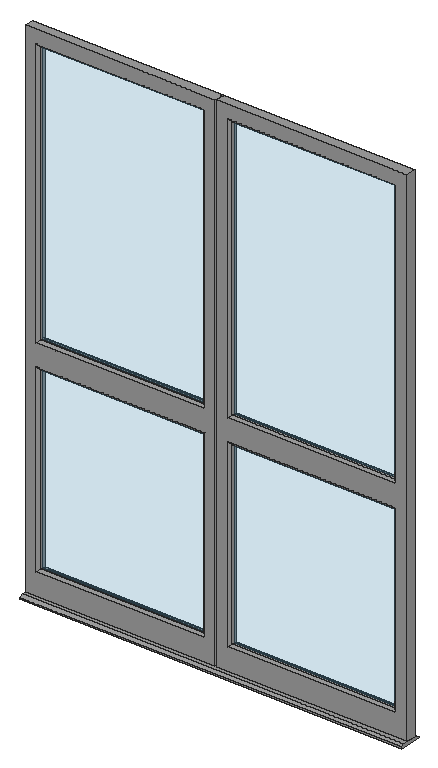
Revit family "NS-212 DOOR-Double-VIP-PD-0.25-SF_v05", category Curtain Panels, Revit 2015
Parameters
  Width [instance] = 6' - 2"
  VIP2 Panic Devices [instance] = not(VIP1 Panic Devices)  # yes
  VIP1 Panic Devices [instance] = no
  URL = "obe.com"
  Rough Width [instance] = 6' - 0"
  Offset [instance] = 0' - 0"
  Model = "NS-212 DOOR"
  Min Panel Width [instance] = if(Rough Width > 5' 11 255/256", Rough Width, 6' 0")  # 6' - 0"
  Manufacturer = "Oldcastle BuildingEnvelope®"
  Keynote = "08 11 00"
  Height [instance] = 8' - 0"
  Pushbar Height [instance] = 3' - 5 1/4"  # constant formula
  Glass Material = Glass
  Frame Material = Aluminum
  Door Panel Height [instance] = Height + 0' 0 3/8"  # 8' - 0 3/8"
  Description = "NS-212 - 1/4\" Door Infill"
  Assembly Code = "B2030"
  Analytic Construction = "<None>"
  6.5 Bottom Rail [instance] = not([4 Bottom Rail])  # no
  4 Bottom Rail [instance] = yes
Reference planes (in)
  plane 1 "Front": y = 0
  plane 2: z = 0
  plane 3 "Center (Left/Right)": x = 0
  plane 4 "Left": x = -37
  plane 5 "Right": x = 37
  plane 6 "Top": z = 96
  plane 7: x = -36
  plane 8: x = 36
Text (in)
  text "Exterior" at (-54.29358, 31.38743, 0), in view "Ref. Level"
  text "Exterior" at (480, 41.53993, 89.60405), in view "Right"
  text "Exterior" at (-240, 57.82419, 105.78864), in view "Left"
Dimensions and locks (in)
  equal spacing: plane 4 "Left", plane 3 "Center (Left/Right)", plane 5 "Right"
  "Width": plane 4 "Left" to plane 5 "Right"
  "Height": plane 6 "Top" to plane 2
  equal spacing: plane 7, plane 3 "Center (Left/Right)", plane 8
  "Min Panel Width": plane 7 to plane 8
  aligned and locked: level to plane 2
  aligned and locked: plane 3 "Center (Left/Right)" to nested 1
  aligned and locked: plane 1 "Front" to nested 1
Nested families (in)
  nested 1: "NS-212 DOOR-Double-VIP-PD-0.25-Panel_v04" at (0, -13, 0), Height <- "Door Panel Height", Width <- "Min Panel Width", Frame Material <- "Frame Material", Glass Material <- "Glass Material", VIP1 Panic Devices <- "VIP1 Panic Devices", 4 Bottom Rail <- "4 Bottom Rail", Offset <- "Offset", type "NS-212 DOOR-Double-VIP-PD-0.25-Panel_v04"
    with Wing Width 3' - 0", built-in parameter 1001301 6' - 0", VIP2 Panic Devices yes, VIP1 Panic Devices no, Pushbar Height 3' - 5 1/4", Offset 0' - 0", built-in parameter 1001300 8' - 0 3/8", Glass at Muntin 0' - 4 9/16", Glass Material Glass, Frame Material Aluminum, Bottom Rail 0' - 4 31/32", 6.5 Bottom Rail no, 4 Bottom Rail yes
Definition of nested family "NS-212 DOOR-Double-VIP-PD-0.25-Panel_v04"
  Parameters (values of type "NS-212 DOOR-Double-VIP-PD-0.25-Panel_v04")
    Wing Width [instance] = Width / 2  # 3' - 0"
    Width [instance] = 6' - 0"
    VIP2 Panic Devices [instance] = not(VIP1 Panic Devices)  # yes
    VIP1 Panic Devices [instance] = no
    Offset [instance] = 0' - 1"
    Height [instance] = 8' - 0"
    Glass at Muntin [instance] = if(VIP1 Panic Devices, 0' 8 9/16", 0' 4 9/16")  # 0' - 4 9/16"
    Pushbar Height [instance] = 3' - 5 1/4"  # constant formula
    Glass Material [instance] = none
    Frame Material [instance] = none
    Bottom Rail [instance] = if([4 Bottom Rail], 0' 4 31/32", 0' 7 15/32")  # 0' - 7 15/32"
    Analytic Construction = "<None>"
    6.5 Bottom Rail [instance] = not([4 Bottom Rail])  # yes
    4 Bottom Rail [instance] = no
  Reference planes (in)
    plane 1 "00": y = 11
    plane 2: z = 0
    plane 3 "Center (Left/Right)": x = 0
    plane 4: z = 96
    plane 5: x = 36
    plane 6: x = -36
    plane 7 "Center (Front/Back)": y = 13
    plane 8 "Exterior": y = 11.125
    plane 9: z = 48
    plane 10: z = 80.96875
    plane 11: z = 92.96875
    plane 12: z = 92.96875
    plane 13: z = 43.53125
    plane 14: z = 38.96875
    plane 15: z = 7.46875
    plane 16 "Offset": y = 12
    plane 17: z = 41.25
  Forms (in)
    Sweep 1, solid, material <- "Frame Material"
      path origin (0, 11, 0) x (1, 0, 0) y (0, 0, 1)
        loop
          line (-35.79321, 96) -> (-0.22004, 96)
      profile origin (-18.00662, 11, 96) x (0, 0, 1) y (0, -1, 0)
        loop
          line (-0.375, -0.875) -> (-0.375, 0.875) -> (-2.74593, 0.875) -> (-3.25, 0.45204) -> (-3.25, 0.125) -> (-3.03125, 0.125) -> (-3.03125, -0.125) -> (-3.25, -0.125) -> (-3.25, -0.45204) -> (-2.74593, -0.875) -> (-0.375, -0.875)
    Sweep 2, solid, material <- "Frame Material"
      path origin (0, 11, 0) x (1, 0, 0) y (0, 0, 1)
        loop
          line (-0.22004, 0) -> (-35.79321, 0)
      profile origin (-18.00662, 11, 0) x (0, 0, -1) y (0, -1, 0)
        loop
          line (-7.18343, -0.875) -> (-0.6875, -0.875) -> (-0.6875, 0.875) -> (-7.18343, 0.875) -> (-7.6875, 0.45204) -> (-7.6875, 0.125) -> (-7.46875, 0.125) -> (-7.46875, -0.125) -> (-7.6875, -0.125) -> (-7.6875, -0.45204) -> (-7.18343, -0.875)
    Sweep 3, solid, material <- "Frame Material"
      path origin (0, 11, 0) x (1, 0, 0) y (0, 0, 1)
        loop
          line (36, 95.625) -> (36, 0.6875)
      profile origin (36, 11, 48.15625) x (0, -1, 0) y (1, 0, 0)
        loop
          line (-0.875, -0.08821) -> (-0.875, -2.20914) -> (-0.45204, -2.71321) -> (-0.125, -2.71321) -> (-0.125, -2.49446) -> (0.125, -2.49446) -> (0.125, -2.71321) -> (0.45204, -2.71321) -> (0.875, -2.20914) -> (0.875, -0.19721) -> (-0.875, -0.08821)
    Sweep 4, solid, material <- "Frame Material"
      path origin (0, 11, 0) x (1, 0, 0) y (0, 0, 1)
        loop
          line (-36, 95.625) -> (-36, 0.6875)
      profile origin (-36, 11, 48.15625) x (0, -1, 0) y (1, 0, 0)
        loop
          line (0.87496, 0.20679) -> (0.87496, 2.21872) -> (0.452, 2.72279) -> (0.12496, 2.72279) -> (0.12496, 2.50404) -> (-0.12504, 2.50404) -> (-0.12504, 2.72279) -> (-0.45208, 2.72279) -> (-0.87504, 2.21872) -> (-0.87504, 0.09779) -> (0.87496, 0.20679)
    Sweep 5, solid, material <- "Frame Material"
      path origin (0, 11, 0) x (1, 0, 0) y (0, 0, 1)
        loop
          line (-0.22004, 48) -> (-35.79321, 48)
      profile origin (-18.00662, 11, 48) x (0, 0, -1) y (0, -1, 0)
        loop
          line (4.25, 0.45204) -> (4.25, 0.125) -> (4.46875, 0.125) -> (4.46875, -0.125) -> (4.25, -0.125) -> (4.25, -0.45204) -> (4.75407, -0.875) -> (8.74593, -0.875) -> (9.25, -0.45204) -> (9.25, -0.125) -> (9.03125, -0.125) -> (9.03125, 0.125) -> (9.25, 0.125) -> (9.25, 0.45204) -> (8.74593, 0.875) -> (4.75407, 0.875) -> (4.25, 0.45204)
    Sweep 6, solid, material <- "Frame Material"
      path origin (0, 11, 0) x (1, 0, 0) y (0, 0, 1)
        loop
          line (0, 95.625) -> (0, 0.6875)
      profile origin (0, 11, 48.15625) x (0, -1, 0) y (1, 0, 0)
        loop
          line (-0.875, -0.22004) -> (-0.875, -2.18343) -> (-0.45204, -2.6875) -> (-0.125, -2.6875) -> (-0.125, -2.46875) -> (0.125, -2.46875) -> (0.125, -2.6875) -> (0.45204, -2.6875) -> (0.875, -2.18343) -> (0.875, -0.22004)
          arc (0.875, -0.22004) -> (0, -0.0625) -> (-0.875, -0.22004) r 2.50872
        loop
          arc (-0.875, 0.22004) -> (0, 0.0625) -> (0.875, 0.22004) r 2.50872
          line (0.875, 0.22004) -> (0.875, 2.18343) -> (0.45204, 2.6875) -> (0.125, 2.6875) -> (0.125, 2.46875) -> (-0.125, 2.46875) -> (-0.125, 2.6875) -> (-0.45204, 2.6875) -> (-0.875, 2.18343) -> (-0.875, 0.22004)
    Sweep 7, solid, material <- "Frame Material"
      path origin (0, 11, 0) x (1, 0, 0) y (0, 0, 1)
        loop
          line (0.22004, 96) -> (35.80279, 96)
      profile origin (18.01141, 11, 96) x (0, 0, 1) y (0, -1, 0)
        loop
          line (-0.375, -0.875) -> (-0.375, 0.875) -> (-2.74593, 0.875) -> (-3.25, 0.45204) -> (-3.25, 0.125) -> (-3.03125, 0.125) -> (-3.03125, -0.125) -> (-3.25, -0.125) -> (-3.25, -0.45204) -> (-2.74593, -0.875) -> (-0.375, -0.875)
    Sweep 8, solid, material <- "Frame Material"
      path origin (0, 5, 0) x (1, 0, 0) y (0, 0, 1)
        loop
          line (35.80279, 48) -> (0.22004, 48)
      profile origin (18.01141, 5, 48) x (0, 0, -1) y (0, -1, 0)
        loop
          line (4.25, -5.54796) -> (4.25, -5.875) -> (4.46875, -5.875) -> (4.46875, -6.125) -> (4.25, -6.125) -> (4.25, -6.45204) -> (4.75407, -6.875) -> (8.74593, -6.875) -> (9.25, -6.45204) -> (9.25, -6.125) -> (9.03125, -6.125) -> (9.03125, -5.875) -> (9.25, -5.875) -> (9.25, -5.54796) -> (8.74593, -5.125) -> (4.75407, -5.125) -> (4.25, -5.54796)
    Sweep 9, solid, material <- "Frame Material"
      path origin (0, 11, 0) x (1, 0, 0) y (0, 0, 1)
        loop
          line (35.80279, 0) -> (0.22004, 0)
      profile origin (18.01141, 11, 0) x (0, 0, -1) y (0, -1, 0)
        loop
          line (-7.18343, -0.875) -> (-0.6875, -0.875) -> (-0.6875, 0.875) -> (-7.18343, 0.875) -> (-7.6875, 0.45204) -> (-7.6875, 0.125) -> (-7.46875, 0.125) -> (-7.46875, -0.125) -> (-7.6875, -0.125) -> (-7.6875, -0.45204) -> (-7.18343, -0.875)
    Extrusion 10, solid, material <- "Glass Material"
      sketch origin (0, 0, 0) x (1, 0, 0) y (0, 1, 0)
        loop
          line (-33.49596, 11.125) -> (-33.49596, 10.875) -> (-2.46875, 10.875) -> (-2.46875, 11.125) -> (-33.49596, 11.125)
      from 7.46875 to 38.96875
    Extrusion 11, solid, material <- "Glass Material"
      sketch origin (0, 0, 0) x (1, 0, 0) y (0, 1, 0)
        loop
          line (2.46875, 11.125) -> (2.46875, 10.875) -> (33.50554, 10.875) -> (33.50554, 11.125) -> (2.46875, 11.125)
      from 7.46875 to 38.96875
    Extrusion 12, solid, material <- "Glass Material"
      sketch origin (0, 0, 0) x (1, 0, 0) y (0, 1, 0)
        loop
          line (-2.46875, 11.125) -> (-33.49596, 11.125) -> (-33.49596, 10.875) -> (-2.46875, 10.875) -> (-2.46875, 11.125)
      from 43.53125 to 92.96875
    Extrusion 13, solid, material <- "Glass Material"
      sketch origin (0, 0, 0) x (1, 0, 0) y (0, 1, 0)
        loop
          line (33.50554, 11.125) -> (2.46875, 11.125) -> (2.46875, 10.875) -> (33.50554, 10.875) -> (33.50554, 11.125)
      from 43.53125 to 92.96875
    Sweep 14, solid, material <- "Frame Material"
      path origin (0, 12, 0) x (1, 0, 0) y (0, 0, 1)
        loop
          line (-35.79321, 0) -> (35.80279, 0)
      profile origin (0.00479, 12, 0) x (0, 0, 1) y (0, -1, 0)
        loop
          line (0.5, 2.468) -> (0.19364, 3.125) -> (0, 3.125) -> (0, -0.875) -> (0.19364, -0.875) -> (0.5, -0.218) -> (0.5, 2.468)
  Cuts and joins
    joined: Sweep 1, Sweep 2, Sweep 3, Sweep 4, Sweep 5, Sweep 6, Sweep 7, Sweep 8, Sweep 9
  Lines and regions (in)
    model lines
      curve 1: line (2.46875, 11.125, 92.96875) -> (33.28679, 11.125, 48)
      curve 2: line (33.28679, 11.125, 48) -> (2.6875, 11.125, 7.6875)
      curve 3: line (-2.46875, 11.125, 92.96875) -> (-33.2772, 11.125, 48)
      curve 4: line (-33.2772, 11.125, 48) -> (-2.6875, 11.125, 7.6875)
  Dimensions and locks (in)
    "Height": plane 4 to level
    "Width": plane 6 to plane 5
    "Offset": plane 16 "Offset" to plane 7 "Center (Front/Back)"
    plane 1 "00" to plane 8 "Exterior" to plane 16 "Offset" = 0' - 0 1/8" locked, 0' - 0 7/8" locked
    equal spacing: level, plane 9, plane 4
    locked: plane 3 "Center (Left/Right)" to Sweep 2 sketch curve at 0.22004
    locked: Sweep 3 sketch curve to plane 4 at 0.375
    locked: Sweep 4 sketch curve to plane 4 at 0.375
    locked: plane 3 "Center (Left/Right)" to Sweep 1 sketch curve at 0.22004
    "Bottom Rail": Sweep 2 sketch curve to level
    Sweep 2 sketch curve to Sweep 2 sketch curve to Sweep 2 sketch curve to Sweep 2 sketch curve to Sweep 2 sketch curve = 0' - 0" locked, 0' - 0 7/32" locked, 0' - 0.28532" locked, 0' - 0" locked
    locked: plane 3 "Center (Left/Right)" to Sweep 5 sketch curve at 0.22004
    locked: Sweep 7 sketch curve to plane 3 "Center (Left/Right)" at 0.22004
    locked: Sweep 8 sketch curve to plane 3 "Center (Left/Right)" at 0.22004
    locked: Sweep 9 sketch curve to plane 3 "Center (Left/Right)" at 0.22004
    locked: plane 11 to plane 4 at 3.03125
    "Bottom Rail": level to Extrusion 10
    "Glass at Muntin": cut or joined group of Sweep 1, Sweep 2, Sweep 3, Sweep 4, Sweep 5, Sweep 6, Sweep 7, Sweep 8, Sweep 9 to Extrusion 10
    Extrusion 11 sketch curve to plane 1 "00" to Extrusion 11 sketch curve = 0' - 0 1/8" locked, 0' - 0 1/8" locked
    locked: plane 3 "Center (Left/Right)" to Extrusion 11 sketch curve at 2.46875
    Extrusion 10 sketch curve to plane 1 "00" to Extrusion 10 sketch curve = 0' - 0 1/8" locked, 0' - 0 1/8" locked
    Extrusion 12 sketch curve to plane 1 "00" to Extrusion 12 sketch curve = 0' - 0 1/8" locked, 0' - 0 1/8" locked
    locked: plane 4 to Extrusion 12 at 3.03125
    Extrusion 13 sketch curve to plane 1 "00" to Extrusion 13 sketch curve = 0' - 0 1/8" locked, 0' - 0 1/8" locked
    locked: plane 3 "Center (Left/Right)" to Extrusion 13 sketch curve at 2.46875
    Extrusion 10 sketch curve to plane 3 "Center (Left/Right)" = 0' - 2 15/32"
    locked: Extrusion 12 sketch curve to plane 3 "Center (Left/Right)" at 2.46875
    locked: Sweep 1 sketch curve to plane 6 at 0.20679
    locked: plane 5 to Sweep 7 sketch curve at 0.19721
    locked: plane 4 to Sweep 6 sketch curve at 0.375
    locked: plane 5 to Sweep 8 sketch curve at 0.19721
    locked: Sweep 5 sketch curve to plane 6 at 0.20679
    locked: Sweep 2 sketch curve to plane 6 at 0.20679
    locked: plane 5 to Sweep 9 sketch curve at 0.19721
    locked: Sweep 7 sketch curve to plane 12 at 0.28532  (x2)
    locked: plane 12 to Sweep 7 sketch curve at 0.21875  (x2)
    locked: plane 13 to Sweep 8 sketch curve at 0.28532  (x2)
    locked: Sweep 8 sketch curve to plane 13 at 0.21875  (x2)
    locked: Sweep 8 sketch curve to plane 14 at 0.28532  (x2)
    locked: plane 14 to Sweep 8 sketch curve at 0.21875  (x2)
    locked: plane 15 to Sweep 9 sketch curve at 0.28532  (x2)
    locked: Sweep 9 sketch curve to plane 15 at 0.21875  (x2)
    "Glass at Muntin": plane 13 to plane 14
    "Bottom Rail": plane 15 to plane 2
    locked: plane 4 to plane 12 at 3.03125
    equal spacing: plane 6, plane 3 "Center (Left/Right)", plane 5
    equal spacing: plane 13, plane 17, plane 14
    "Pushbar Height": plane 17 to plane 2
    Sweep 5 sketch curve to plane 13 to Sweep 5 sketch curve = 0' - 0 7/32" locked, 0' - 0.28532" locked
    Sweep 5 sketch curve to plane 14 to Sweep 5 sketch curve = 0' - 0.28532" locked, 0' - 0 7/32" locked
    locked: plane 5 to Sweep 14 sketch curve at 0.19721
    locked: Sweep 14 sketch curve to plane 6 at 0.20679
    locked: Sweep 4 sketch curve to plane 2 at 0.6875
    locked: Sweep 6 sketch curve to plane 2 at 0.6875
    locked: Sweep 3 sketch curve to plane 2 at 0.6875
    aligned and locked: plane 2 to level
    aligned and locked: Sweep 1 sketch curve to plane 4
    aligned and locked: Sweep 2 sketch curve to level
    aligned and locked: plane 5 to Sweep 3 sketch curve
    aligned and locked: plane 6 to Sweep 4 sketch curve
    aligned and locked: Sweep 5 sketch curve to plane 9
    aligned and locked: plane 3 "Center (Left/Right)" to Sweep 6 sketch curve
    aligned and locked: plane 9 to curve 3
    aligned and locked: plane 9 to curve 1
    aligned and locked: Sweep 9 sketch curve to level
    aligned and locked: Sweep 8 sketch curve to plane 9
    aligned and locked: plane 4 to Sweep 7 sketch curve
    aligned and locked: Extrusion 12 to cut or joined group of Sweep 1, Sweep 2, Sweep 3, Sweep 4, Sweep 5, Sweep 6, Sweep 7, Sweep 8, Sweep 9
    aligned and locked: Extrusion 13 to cut or joined group of Sweep 1, Sweep 2, Sweep 3, Sweep 4, Sweep 5, Sweep 6, Sweep 7, Sweep 8, Sweep 9
    aligned and locked: plane 12 to Extrusion 13
    aligned and locked: plane 14 to Extrusion 11
    aligned and locked: Extrusion 13 to plane 13
    aligned and locked: Extrusion 11 to plane 15
    aligned and locked: plane 13 to Sweep 5 sketch curve
    aligned and locked: plane 14 to Sweep 5 sketch curve
    aligned and locked: Sweep 14 sketch curve to plane 2
  Automatic sketch dimensions
    plane 1 "00" to Sweep 1 sketch curve = 0' - 0 1/8"
    profile plane to Sweep 1 sketch curve = 0' - 3 1/4"
    Sweep 1 sketch curve to plane 1 "00" = 0' - 0.45204"
    Sweep 1 sketch curve to Sweep 1 sketch curve = 0' - 0"
    Sweep 1 sketch curve to Sweep 1 sketch curve = 0' - 0 7/32"
    plane 1 "00" to Sweep 1 sketch curve = 0' - 0 7/8"
    Sweep 1 sketch curve to Sweep 1 sketch curve = 0' - 0.50407"  (x2)
    profile plane to Sweep 1 sketch curve = 0' - 0 3/8"
    Sweep 1 sketch curve to plane 1 "00" = 0' - 0 7/8"
    Sweep 1 sketch curve to plane 1 "00" = 0' - 0 1/8"
    Sweep 1 sketch curve to Sweep 1 sketch curve = 0' - 0.32704"
    plane 1 "00" to Sweep 6 sketch curve = 0' - 0"  (x2)
    Sweep 6 sketch curve to plane 1 "00" = 0' - 0 1/8"  (x2)
    Sweep 6 sketch curve to Sweep 6 sketch curve = 0' - 0.32704"  (x4)
    Sweep 6 sketch curve to profile plane = 0' - 0.22004"
    Sweep 6 sketch curve to plane 1 "00" = 0' - 0 7/8"
    Sweep 6 sketch curve to Sweep 6 sketch curve = 0' - 0.42296"  (x3)
    plane 1 "00" to Sweep 6 sketch curve = 0' - 0 1/8"  (x2)
    profile plane to Sweep 6 sketch curve = 0' - 0.22004"
    Sweep 6 sketch curve to Sweep 6 sketch curve = 0' - 1.96339"  (x2)
    Sweep 6 sketch curve to Sweep 6 sketch curve = 0' - 0"  (x2)
    Sweep 6 sketch curve to Sweep 6 sketch curve = 0' - 0.28532"  (x2)
    Sweep 6 sketch curve to Sweep 6 sketch curve = 0' - 0.10247"  (x2)
    Sweep 6 sketch curve to Sweep 6 sketch curve = 0' - 0.11628"  (x4)
    plane 1 "00" to Sweep 7 sketch curve = 0' - 0 1/8"
    Sweep 7 sketch curve to plane 1 "00" = 0' - 0.45204"
    Sweep 7 sketch curve to Sweep 7 sketch curve = 0' - 0 7/32"
    plane 1 "00" to Sweep 7 sketch curve = 0' - 0 7/8"
    profile plane to Sweep 7 sketch curve = 0' - 0 3/8"
    Sweep 7 sketch curve to plane 1 "00" = 0' - 0 7/8"
    Sweep 7 sketch curve to plane 1 "00" = 0' - 0 1/8"
    Sweep 7 sketch curve to Sweep 7 sketch curve = 0' - 0.32704"
    Sweep 4 sketch curve to plane 1 "00" = 0' - 0.87504"
    Sweep 4 sketch curve to plane 1 "00" = 0' - 0.45208"
    Sweep 4 sketch curve to plane 1 "00" = 0' - 0.12504"
    plane 1 "00" to Sweep 4 sketch curve = 0' - 0.12496"
    Sweep 4 sketch curve to Sweep 4 sketch curve = 0' - 0.32704"
    Sweep 4 sketch curve to Sweep 4 sketch curve = 0' - 0.42296"
    Sweep 4 sketch curve to profile plane = 0' - 0.09779"
    Sweep 4 sketch curve to profile plane = 0' - 0.20679"
    Sweep 4 sketch curve to Sweep 4 sketch curve = 0' - 2.12093"
    Sweep 4 sketch curve to Sweep 4 sketch curve = 0' - 0"
    Sweep 4 sketch curve to Sweep 4 sketch curve = 0' - 0.28532"
    Sweep 4 sketch curve to Sweep 4 sketch curve = 0' - 0 7/32"  (x2)
    Sweep 3 sketch curve to plane 1 "00" = 0' - 0 7/8"
    Sweep 3 sketch curve to plane 1 "00" = 0' - 0.45204"
    Sweep 3 sketch curve to plane 1 "00" = 0' - 0 1/8"
    plane 1 "00" to Sweep 3 sketch curve = 0' - 0 1/8"
    Sweep 3 sketch curve to Sweep 3 sketch curve = 0' - 0.32704"
    plane 1 "00" to Sweep 3 sketch curve = 0' - 0 7/8"
    profile plane to Sweep 3 sketch curve = 0' - 2.71321"
    Sweep 3 sketch curve to Sweep 3 sketch curve = 0' - 0"
    Sweep 3 sketch curve to Sweep 3 sketch curve = 0' - 0 7/32"
    Sweep 3 sketch curve to Sweep 3 sketch curve = 0' - 0.50407"  (x2)
    profile plane to Sweep 3 sketch curve = 0' - 0.19721"
    profile plane to Sweep 3 sketch curve = 0' - 0.08821"
    Sweep 8 sketch curve to Sweep 8 sketch curve = 0' - 0 7/32"  (x2)
    Sweep 8 sketch curve to plane 1 "00" = 0' - 0 7/8"
    Sweep 8 sketch curve to plane 1 "00" = 0' - 0.45204"  (x2)
    Sweep 8 sketch curve to plane 1 "00" = 0' - 0 1/8"  (x2)
    plane 1 "00" to Sweep 8 sketch curve = 0' - 0 1/8"  (x2)
    Sweep 8 sketch curve to Sweep 8 sketch curve = 0' - 0.32704"  (x2)
    Sweep 8 sketch curve to Sweep 8 sketch curve = 0' - 0.42296"
    profile plane to Sweep 9 sketch curve = 0' - 0 11/16"
    Sweep 9 sketch curve to plane 1 "00" = 0' - 0.45204"
    Sweep 9 sketch curve to plane 1 "00" = 0' - 0 1/8"
    plane 1 "00" to Sweep 9 sketch curve = 0' - 0 1/8"
    Sweep 9 sketch curve to Sweep 9 sketch curve = 0' - 0.32704"
    Sweep 9 sketch curve to Sweep 9 sketch curve = 0' - 0.42296"
    Sweep 9 sketch curve to Sweep 9 sketch curve = 0' - 0 7/32"
    plane 6 to Extrusion 10 sketch curve = 0' - 2.50404"
    plane 6 to Extrusion 12 sketch curve = 0' - 2.50404"
    Extrusion 11 sketch curve to plane 5 = 0' - 2.49446"
    Extrusion 13 sketch curve to plane 5 = 0' - 2.49446"
    Sweep 5 sketch curve to Sweep 5 sketch curve = 0' - 0 7/32"  (x2)
    Sweep 5 sketch curve to plane 1 "00" = 0' - 0 7/8"
    Sweep 5 sketch curve to plane 1 "00" = 0' - 0.45204"  (x2)
    Sweep 5 sketch curve to plane 1 "00" = 0' - 0 1/8"  (x2)
    plane 1 "00" to Sweep 5 sketch curve = 0' - 0 1/8"  (x2)
    Sweep 5 sketch curve to Sweep 5 sketch curve = 0' - 0.32704"  (x2)
    Sweep 5 sketch curve to Sweep 5 sketch curve = 0' - 0.42296"
    Sweep 5 sketch curve to Sweep 5 sketch curve = 0' - 0"
    Sweep 5 sketch curve to Sweep 5 sketch curve = 0' - 0.50407"
    Sweep 9 sketch curve to Sweep 9 sketch curve = 0' - 1 3/4"
    Sweep 14 sketch curve to profile plane = 0' - 0.19364"  (x2)
    Sweep 14 sketch curve to plane 16 "Offset" = 0' - 0 7/8"
    Sweep 14 sketch curve to plane 16 "Offset" = 0' - 0.218"
    Sweep 14 sketch curve to Sweep 14 sketch curve = 0' - 2.686"
    Sweep 14 sketch curve to profile plane = 0' - 0 1/2"
    Sweep 14 sketch curve to Sweep 14 sketch curve = 0' - 0.657"
    profile plane to Sweep 14 sketch curve = 0' - 0"
    curve 3 to plane 12 = 0' - 0"
    curve 1 to plane 12 = 0' - 0"
    plane 6 to curve 4 = 0' - 2.7228"
    curve 2 to plane 5 = 0' - 2.71321"
    plane 15 to curve 4 = 0' - 0 7/32"
    curve 4 to plane 3 "Center (Left/Right)" = 0' - 2 11/16"
    curve 3 to plane 3 "Center (Left/Right)" = 0' - 2 15/32"
    plane 3 "Center (Left/Right)" to curve 1 = 0' - 2 15/32"
    plane 15 to curve 2 = 0' - 0 7/32"
    plane 3 "Center (Left/Right)" to curve 2 = 0' - 2 11/16"
    profile plane to Sweep 2 sketch curve = 0' - 0 11/16"
    Sweep 2 sketch curve to plane 1 "00" = 0' - 0 7/8"
    Sweep 2 sketch curve to plane 1 "00" = 0' - 0.45204"
    Sweep 2 sketch curve to plane 1 "00" = 0' - 0 1/8"
    plane 1 "00" to Sweep 2 sketch curve = 0' - 0 1/8"
    Sweep 2 sketch curve to Sweep 2 sketch curve = 0' - 0.32704"
    Sweep 2 sketch curve to Sweep 2 sketch curve = 0' - 0.42296"
